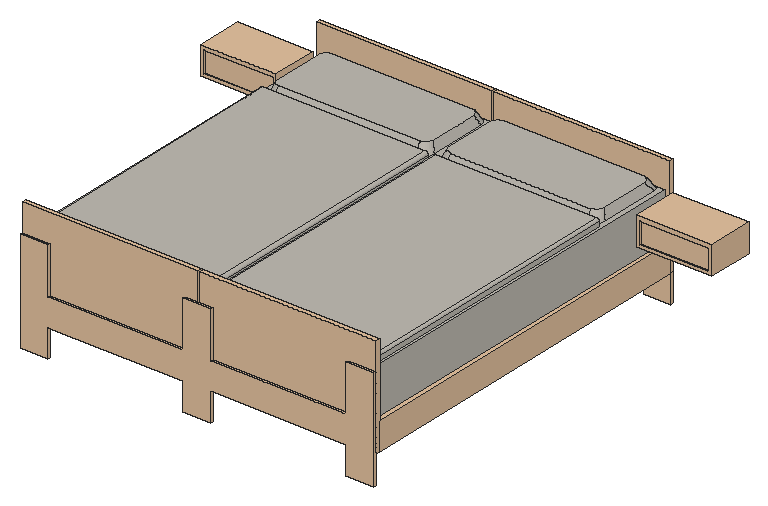
Revit family "Bed_Hotel", category Furniture, Revit 2026
Family settings
  Classification Number = 23.40.70.14.21
  Work Plane-Based = No
  Enable Cutting in Views = No
  Always vertical = Yes
  Cut with Voids When Loaded = No
  Render Appearance Source = Family Geometry
  Shared = No
  Room Calculation Point = No
Parameters (values of type "King")
  Width = 6' - 4"
  Warranty Duration (Years) = 10
  Textiles = ARCAT - Fabric - Generic
  Test Data = ""
  Specification = "http://www.arcat.com/divs/sec/sec12450.shtml"
  Sleeping Capacity = 2
  SideTable_L [instance] = yes
  SideTable_R [instance] = yes
  Sales Information = ""
  Rigidity = "Firm"
  Product Properties = "http://www.arcat.com/bim/bim_info.pl?fn=Bed-Hotel"
  Product Data = "http://www.arcat.com/divs/sec/sec12450.shtml"
  Model = "Generic"  # constant formula
  Manufacturer Website = "http://www.arcat.com/"
  Manufacturer Phone - Toll Free = ""
  Manufacturer Phone = "(203) 929-9444"  # constant formula
  Manufacturer Fax = "(203) 929-9444"  # constant formula
  Manufacturer Email = "bim@arcat.com"  # constant formula
  Manufacturer Address = "1077 Bridgeport Ave, Shelton, CT  06484"  # constant formula
  Manufacturer = "Generic"  # constant formula
  Maintenance Schedule (Months) = 6
  Length = 6' - 8"
  Keynote = "12450"
  Installation_Fabrication = ""
  Installation Phase = ""
  Height from ground = 1' - 0"
  Green Building - LEED = "http://www.arcat.com/green/green_building.shtml"
  Frame Material = ARCAT - Wood - Cherry
  Flammability = "CPSC - 16CFR - Part 1633 Approved"
  Expected Lifespan (Years) = 10
  Drawn By = "Robert S. Weygant. CSI, CDT, SCIP"  # constant formula
  Description = "Hotel Bed - King"
  Depth = 0' - 10"
  Default Elevation = 0' - 0"
  Copyright = "2008, ARCAT, Inc."  # constant formula
  Construction Details = "http://www.arcat.com/divs/sec/sec12450.shtml"
  Building Codes = ""
  Assembly Code = "E2020200"
Types (5): name | Width | Sleeping Capacity | Length | Description
  (no name) | 6' - 4" | 2 | 6' - 8" | "Hotel Bed - King"
  Twin | 3' - 3" | 1 | 6' - 3" | "Hotel Bed - Twin"
  Full_Double | 4' - 6" | 2 | 6' - 3" | "Hotel Bed - Full/Double"
  Queen | 5' - 0" | 2 | 6' - 8" | "Hotel Bed - Queen"
  King | 6' - 4" | 2 | 6' - 8" | "Hotel Bed - King"
Reference planes (in)
  plane 1 "Center (Front/Back)": y = 0
  plane 2: z = 0
  plane 3 "Center (Left/Right)": x = -0.59843
  plane 4 "Izq": x = -38.59843
  plane 5 "Der": x = 37.40157
  plane 6 "Abajo": y = -80
  plane 7 "Base Mattress": z = 12
  plane 8 "Top Mattress": z = 22
  plane 9: x = 55.11811
  plane 10: x = -56.31496
  plane 11 "Cajonera": y = -0.98425
Forms (in)
  Extrusion 1, solid, material "ARCAT - Wood - Cherry" <- "Frame Material"
    sketch origin (0, 0, 0) x (1, 0, 0) y (0, 1, 0)
      loop
        line (-38.59843, -79.01575) -> (-37.61417, -79.01575) -> (-37.61417, -0.98425) -> (-38.59843, -0.98425) -> (-38.59843, -79.01575)
      loop
        line (37.40157, -0.98425) -> (36.41732, -0.98425) -> (36.41732, -79.01575) -> (37.40157, -79.01575) -> (37.40157, -0.98425)
    from 6.09854 to 12
  Extrusion 2, solid, material "ARCAT - Wood - Cherry" <- "Frame Material"
    sketch origin (0, 0, 0) x (1, 0, 0) y (0, 1, 0)
      loop
        line (-38.59843, 0) -> (-38.59843, -0.98425) -> (-0.79528, -0.98425) -> (-0.79528, 0) -> (-38.59843, 0)
      loop
        line (37.40157, -0.98425) -> (37.40157, 0) -> (-0.40157, 0) -> (-0.40157, -0.98425) -> (37.40157, -0.98425)
      loop
        line (-38.59843, -79.01575) -> (-38.59843, -80) -> (-0.79528, -80) -> (-0.79528, -79.01575) -> (-38.59843, -79.01575)
      loop
        line (37.40157, -80) -> (37.40157, -79.01575) -> (-0.40157, -79.01575) -> (-0.40157, -80) -> (37.40157, -80)
    from 6.09854 to 27.92499
  Extrusion 3, solid, material "ARCAT - Fabric - Generic" <- "Textiles"
    sketch origin (0, 0, 0) x (1, 0, 0) y (0, 1, 0)
      loop
        line (-37.61417, -0.98425) -> (-37.61417, -79.01575) -> (36.41732, -79.01575) -> (36.41732, -0.98425) -> (-37.61417, -0.98425)
    from 12 <- "Height from ground" to 22 <- "Depth"
  Extrusion 4, solid, material "ARCAT - Fabric - Generic" <- "Textiles"
    sketch origin (0, 0, 0) x (1, 0, 0) y (0, 0, 1)
      loop
        line (-37.02362, 22) -> (-0.99213, 22) -> (-0.99213, 22.7874)
        arc (-0.99213, 22.7874) -> (-1.22275, 23.34418) -> (-1.77953, 23.5748) r 0.7874
        line (-1.77953, 23.5748) -> (-36.43307, 23.5748)
        arc (-36.43307, 23.5748) -> (-36.85065, 23.40183) -> (-37.02362, 22.98425) r 0.59055
        line (-37.02362, 22.98425) -> (-37.02362, 22)
      loop
        line (35.82677, 22) -> (35.82677, 22.98425)
        arc (35.82677, 22.98425) -> (35.6538, 23.40183) -> (35.23622, 23.5748) r 0.59055
        line (35.23622, 23.5748) -> (0.58268, 23.5748)
        arc (0.58268, 23.5748) -> (0.0259, 23.34418) -> (-0.20472, 22.7874) r 0.7874
        line (-0.20472, 22.7874) -> (-0.20472, 22) -> (35.82677, 22)
    from 17.95821 to 79.01575
  Blend 5, solid, material "ARCAT - Fabric - Generic" <- "Textiles"
    base sketch origin (0, 0, 0) x (1, 0, 0) y (0, 1, 0)
      loop
        line (-34.46457, -17.71654) -> (-3.55118, -17.71654)
        arc (-3.55118, -17.71654) -> (-2.15924, -17.13997) -> (-1.58268, -15.74803) r 1.9685
        line (-1.58268, -15.74803) -> (-1.58268, -3.14961)
        arc (-1.58268, -3.14961) -> (-2.15924, -1.75766) -> (-3.55118, -1.1811) r 1.9685
        line (-3.55118, -1.1811) -> (-35.05512, -1.1811)
        arc (-35.05512, -1.1811) -> (-36.02948, -1.5847) -> (-36.43307, -2.55906) r 1.37795
        line (-36.43307, -2.55906) -> (-36.43307, -15.74803)
        arc (-36.43307, -15.74803) -> (-35.85651, -17.13997) -> (-34.46457, -17.71654) r 1.9685
    top sketch origin (0, 0, 0) x (1, 0, 0) y (0, 1, 0)
      loop
        arc (-34.0957, -2.39783) -> (-35.20925, -2.85908) -> (-35.6705, -3.97263) r 1.5748
        line (-35.6705, -3.97263) -> (-35.6705, -14.99626)
        arc (-35.6705, -14.99626) -> (-35.20925, -16.10981) -> (-34.0957, -16.57106) r 1.5748
        line (-34.0957, -16.57106) -> (-3.96971, -16.57106)
        arc (-3.96971, -16.57106) -> (-2.85616, -16.10981) -> (-2.39491, -14.99626) r 1.5748
        line (-2.39491, -14.99626) -> (-2.39491, -3.97263)
        arc (-2.39491, -3.97263) -> (-2.85616, -2.85908) -> (-3.96971, -2.39783) r 1.5748
        line (-3.96971, -2.39783) -> (-34.0957, -2.39783)
    from 22 to 23.9685
  Blend 6, solid, material "ARCAT - Fabric - Generic" <- "Textiles"
    base sketch origin (-3.93701, 0, 0) x (-1, 0, 0) y (0, -1, 0)
      loop
        arc (-37.20472, 17.71654) -> (-38.59667, 17.13997) -> (-39.17323, 15.74803) r 1.9685
        line (-39.17323, 15.74803) -> (-39.17323, 2.55906)
        arc (-39.17323, 2.55906) -> (-38.76964, 1.5847) -> (-37.79528, 1.1811) r 1.37795
        line (-37.79528, 1.1811) -> (-6.29134, 1.1811)
        arc (-6.29134, 1.1811) -> (-4.8994, 1.75766) -> (-4.32283, 3.14961) r 1.9685
        line (-4.32283, 3.14961) -> (-4.32283, 15.74803)
        arc (-4.32283, 15.74803) -> (-4.8994, 17.13997) -> (-6.29134, 17.71654) r 1.9685
        line (-6.29134, 17.71654) -> (-37.20472, 17.71654)
    top sketch origin (-3.93701, 0, 0) x (-1, 0, 0) y (0, -1, 0)
      loop
        line (-36.83585, 2.39783) -> (-6.70987, 2.39783)
        arc (-6.70987, 2.39783) -> (-5.59632, 2.85908) -> (-5.13507, 3.97263) r 1.5748
        line (-5.13507, 3.97263) -> (-5.13507, 14.99626)
        arc (-5.13507, 14.99626) -> (-5.59632, 16.10981) -> (-6.70987, 16.57106) r 1.5748
        line (-6.70987, 16.57106) -> (-36.83585, 16.57106)
        arc (-36.83585, 16.57106) -> (-37.94941, 16.10981) -> (-38.41066, 14.99626) r 1.5748
        line (-38.41066, 14.99626) -> (-38.41066, 3.97263)
        arc (-38.41066, 3.97263) -> (-37.94941, 2.85908) -> (-36.83585, 2.39783) r 1.5748
    from 22 to 23.9685
  Extrusion 7, solid, material "ARCAT - Wood - Cherry" <- "Frame Material", visible <- "SideTable_L"
    sketch origin (0, -0.98425, 0) x (1, 0, 0) y (0, 0, 1)
      loop
        line (-55.52756, 22) -> (-55.52756, 15.89764) -> (-39.38583, 15.89764) -> (-39.38583, 22) -> (-55.52756, 22)
      loop
        line (-39.97638, 21.2126) -> (-54.93701, 21.2126) -> (-54.93701, 16.48819) -> (-39.97638, 16.48819) -> (-39.97638, 21.2126)
    from 0 to 9.84252
  Extrusion 8, solid, material "ARCAT - Wood - Cherry" <- "Frame Material", visible <- "SideTable_R"
    sketch origin (3.93701, -0.98425, 0) x (-1, 0, 0) y (0, 0, -1)
      loop
        line (-50.3937, -22) -> (-34.25197, -22) -> (-34.25197, -15.89764) -> (-50.3937, -15.89764) -> (-50.3937, -22)
      loop
        line (-34.84252, -21.2126) -> (-34.84252, -16.48819) -> (-49.80315, -16.48819) -> (-49.80315, -21.2126) -> (-34.84252, -21.2126)
    from 0 to 9.84252
  Extrusion 9, solid, material "ARCAT - Wood - Cherry" <- "Frame Material", visible <- "SideTable_L"
    sketch origin (0, -0.98425, 0) x (1, 0, 0) y (0, 0, 1)
      loop
        line (-54.93701, 21.2126) -> (-54.93701, 16.48819) -> (-39.97638, 16.48819) -> (-39.97638, 21.2126) -> (-54.93701, 21.2126)
    from 8.66142 to 9.44882
  Extrusion 10, solid, material "ARCAT - Wood - Cherry" <- "Frame Material"
    sketch origin (0, -80, 0) x (1, 0, 0) y (0, 0, 1)
      loop
        line (-38.59843, 22) -> (-38.59843, 0) -> (-32.69291, 0) -> (-32.69291, 6.09854) -> (-3.55118, 6.09854) -> (-3.55118, 0) -> (2.35433, 0) -> (2.35433, 6.09854) -> (31.49606, 6.09854) -> (31.49606, 0) -> (37.40157, 0) -> (37.40157, 22) -> (31.49606, 22) -> (31.49606, 12) -> (2.35433, 12) -> (2.35433, 22) -> (-3.55118, 22) -> (-3.55118, 12) -> (-32.69291, 12) -> (-32.69291, 22) -> (-38.59843, 22)
    from 0 to 0.59055
  Extrusion 11, solid, material "ARCAT - Wood - Cherry" <- "Frame Material", visible <- "SideTable_R"
    sketch origin (0, -0.98425, 0) x (1, 0, 0) y (0, 0, 1)
      loop
        line (38.77953, 21.2126) -> (38.77953, 16.48819) -> (53.74016, 16.48819) -> (53.74016, 21.2126) -> (38.77953, 21.2126)
    from 8.66142 to 9.44882
  Extrusion 12, solid, material "ARCAT - Wood - Cherry" <- "Frame Material"
    sketch origin (0, -0.59055, 0) x (1, 0, 0) y (0, 0, -1)
      loop
        line (-38.59843, -6.09854) -> (-32.69291, -6.09854) -> (-32.69291, 0) -> (-38.59843, 0) -> (-38.59843, -6.09854)
      loop
        line (-3.55118, -6.09854) -> (2.35433, -6.09854) -> (2.35433, 0) -> (-3.55118, 0) -> (-3.55118, -6.09854)
      loop
        line (31.49606, -6.09854) -> (37.40157, -6.09854) -> (37.40157, 0) -> (31.49606, 0) -> (31.49606, -6.09854)
    from 0 to 0.59055
Dimensions and locks (in)
  equal spacing: plane 4 "Izq", plane 3 "Center (Left/Right)", plane 5 "Der"
  "Width": plane 4 "Izq" to plane 5 "Der"
  "Length": plane 6 "Abajo" to plane 1 "Center (Front/Back)"
  "Height from ground": plane 7 "Base Mattress" to plane 2
  "Depth": plane 8 "Top Mattress" to plane 7 "Base Mattress"
  locked: Extrusion 1 to Extrusion 1 at 5.90146
  locked: Extrusion 2 to Extrusion 3 at 5.92499
  locked: Extrusion 2 sketch curve to Extrusion 2 sketch curve at 0.3937  (x2)
  locked: Extrusion 2 to Extrusion 4 sketch curve at 1.5748  (x2)
  locked: Extrusion 4 sketch curve to Extrusion 2 at 0.59055
  locked: Blend 5 to Blend 5 at 1.9685
  locked: Extrusion 3 to Blend 5 at 1.1811
  locked: Blend 5 to plane 3 "Center (Left/Right)" at 0.98425
  locked: Blend 5 to Extrusion 2 at 0.19685
  locked: Blend 5 to Blend 5 at 16.53543
  locked: Blend 5 to Extrusion 4 at 0.24168
  locked: Blend 6 to Blend 6 at 1.9685
  locked: Blend 6 to Blend 6 at 16.53543
  locked: plane 5 "Der" to plane 9 at 17.71654
  locked: plane 10 to plane 4 "Izq" at 17.71654
  Extrusion 7 sketch curve to Extrusion 7 sketch curve to Extrusion 7 sketch curve to Extrusion 7 sketch curve = 0' - 0.7874" locked, 0' - 4.72441" locked, 0' - 0.59055" locked
  Extrusion 8 sketch curve to Extrusion 8 sketch curve to Extrusion 8 sketch curve to Extrusion 8 sketch curve = 0' - 0.7874" locked, 0' - 4.72441" locked, 0' - 0.59055" locked
  locked: Extrusion 2 to Extrusion 10 sketch curve at 5.90551
  locked: Extrusion 10 sketch curve to Extrusion 10 sketch curve at 5.90551
  locked: Extrusion 10 sketch curve to Extrusion 2 at 5.90551
  aligned and locked: plane 7 "Base Mattress" to Extrusion 1
  aligned and locked: plane 8 "Top Mattress" to Extrusion 3
  aligned and locked: Extrusion 2 to Extrusion 1
  aligned and locked: Extrusion 4 to Extrusion 2
  aligned and locked: Extrusion 4 to Blend 5
  aligned and locked: Extrusion 4 to Blend 6
  aligned and locked: plane 8 "Top Mattress" to Extrusion 7
  aligned and locked: Extrusion 7 to Extrusion 9 sketch curve
  aligned and locked: Extrusion 9 sketch curve to Extrusion 7  (x3)
  aligned and locked: plane 8 "Top Mattress" to Extrusion 10 sketch curve  (x3)
  aligned and locked: Extrusion 10 sketch curve to Extrusion 10 sketch curve  (x5)
  aligned and locked: Extrusion 10 to level  (x3)
  aligned and locked: Extrusion 2 to Extrusion 10 sketch curve
  aligned and locked: Extrusion 8 to Extrusion 11 sketch curve
  aligned and locked: Extrusion 11 sketch curve to Extrusion 8  (x3)
  aligned and locked: Extrusion 12 sketch curve to Extrusion 12 sketch curve
  aligned and locked: Extrusion 10 to Extrusion 12 sketch curve
  aligned and locked: Extrusion 2 sketch curve to plane 5 "Der"
  aligned and locked: plane 4 "Izq" to Extrusion 2 sketch curve
Automatic sketch dimensions
  Extrusion 1 sketch curve to plane 4 "Izq" = 0' - 0"
  Extrusion 1 sketch curve to plane 11 "Cajonera" = 0' - 0"  (x2)
  Extrusion 1 sketch curve to plane 5 "Der" = 0' - 0"
  plane 4 "Izq" to Extrusion 1 sketch curve = 0' - 0.98425"
  Extrusion 1 sketch curve to plane 5 "Der" = 0' - 0.98425"
  Extrusion 1 sketch curve to plane 6 "Abajo" = 0' - 0.98425"  (x2)
  Extrusion 2 sketch curve to plane 4 "Izq" = 0' - 0"
  Extrusion 2 sketch curve to plane 1 "Center (Front/Back)" = 0' - 0"  (x2)
  Extrusion 2 sketch curve to plane 6 "Abajo" = 0' - 0"  (x2)
  Extrusion 2 sketch curve to plane 11 "Cajonera" = 0' - 0"  (x2)
  Extrusion 2 sketch curve to plane 5 "Der" = 0' - 0"
  Extrusion 2 sketch curve to plane 3 "Center (Left/Right)" = 0' - 0.19685"  (x2)
  Extrusion 2 sketch curve to plane 6 "Abajo" = 0' - 0.98425"  (x2)
  Extrusion 3 sketch curve to plane 11 "Cajonera" = 0' - 0"
  plane 4 "Izq" to Extrusion 3 sketch curve = 0' - 0.98425"
  Extrusion 3 sketch curve to plane 5 "Der" = 0' - 0.98425"
  Extrusion 3 sketch curve to plane 6 "Abajo" = 0' - 0.98425"
  Extrusion 4 sketch curve to plane 8 "Top Mattress" = 0' - 0"  (x2)
  Extrusion 4 sketch curve to Extrusion 4 sketch curve = 0' - 0.59055"  (x2)
  Extrusion 4 sketch curve to Extrusion 4 sketch curve = 0' - 0.7874"  (x3)
  plane 3 "Center (Left/Right)" to Extrusion 4 sketch curve = 0' - 0.3937"
  plane 8 "Top Mattress" to Extrusion 4 sketch curve = 0' - 0.7874"
  plane 4 "Izq" to Blend 5 sketch curve = 0' - 2.16535"
  Blend 5 sketch curve to Blend 5 sketch curve = 0' - 1.37795"
  Blend 5 sketch curve to Blend 5 sketch curve = 0' - 1.9685"
  Blend 5 sketch curve to plane 3 "Center (Left/Right)" = 0' - 2.95276"  (x2)
  Blend 5 sketch curve to plane 3 "Center (Left/Right)" = 0' - 0.98425"
  plane 11 "Cajonera" to Blend 5 sketch curve = 1' - 4.73228"
  plane 11 "Cajonera" to Blend 5 sketch curve = 0' - 2.16535"
  plane 4 "Izq" to Blend 5 sketch curve = 0' - 2.92793"
  Blend 5 sketch curve to Blend 5 sketch curve = 0' - 1.5748"  (x3)
  plane 11 "Cajonera" to Blend 5 sketch curve = 0' - 1.41358"
  Blend 5 sketch curve to plane 3 "Center (Left/Right)" = 0' - 3.37129"  (x2)
  Blend 5 sketch curve to Blend 5 sketch curve = 0' - 11.02362"
  plane 5 "Der" to Blend 6 sketch curve = 0' - 2.16535"
  Blend 6 sketch curve to Blend 6 sketch curve = 0' - 1.37795"
  Blend 6 sketch curve to Blend 6 sketch curve = 0' - 1.9685"
  Blend 6 sketch curve to plane 3 "Center (Left/Right)" = 0' - 2.95276"  (x2)
  Blend 6 sketch curve to plane 3 "Center (Left/Right)" = 0' - 0.98425"
  Blend 6 sketch curve to plane 11 "Cajonera" = 1' - 4.73228"
  Blend 6 sketch curve to plane 11 "Cajonera" = 0' - 2.16535"
  plane 5 "Der" to Blend 6 sketch curve = 0' - 2.92793"
  Blend 6 sketch curve to Blend 6 sketch curve = 0' - 1.5748"  (x3)
  Blend 6 sketch curve to plane 11 "Cajonera" = 0' - 1.41358"
  Blend 6 sketch curve to plane 3 "Center (Left/Right)" = 0' - 3.37129"  (x2)
  Blend 6 sketch curve to Blend 6 sketch curve = 0' - 11.02362"
  Extrusion 7 sketch curve to plane 8 "Top Mattress" = 0' - 0"
  plane 10 to Extrusion 7 sketch curve = 0' - 0.7874"
  Extrusion 7 sketch curve to Extrusion 7 sketch curve = 0' - 0.59055"
  Extrusion 7 sketch curve to plane 4 "Izq" = 0' - 1.37795"
  Extrusion 7 sketch curve to plane 4 "Izq" = 0' - 0.7874"
  Extrusion 8 sketch curve to plane 8 "Top Mattress" = 0' - 0"
  plane 9 to Extrusion 8 sketch curve = 0' - 0.7874"
  Extrusion 8 sketch curve to Extrusion 8 sketch curve = 0' - 0.59055"
  Extrusion 8 sketch curve to plane 5 "Der" = 0' - 1.37795"
  Extrusion 8 sketch curve to plane 5 "Der" = 0' - 0.7874"
  Extrusion 10 sketch curve to plane 4 "Izq" = 0' - 0"
  Extrusion 10 sketch curve to level = 0' - 0"  (x3)
  Extrusion 10 sketch curve to plane 7 "Base Mattress" = 0' - 0"  (x2)
  Extrusion 10 sketch curve to plane 5 "Der" = 0' - 0"
  Extrusion 10 sketch curve to plane 3 "Center (Left/Right)" = 0' - 2.95276"
  Extrusion 12 sketch curve to level = 0' - 0"  (x3)
  Extrusion 12 sketch curve to plane 4 "Izq" = 0' - 0"
  Extrusion 12 sketch curve to plane 5 "Der" = 0' - 0"
  plane 4 "Izq" to Extrusion 12 sketch curve = 0' - 5.90551"
  Extrusion 12 sketch curve to plane 3 "Center (Left/Right)" = 0' - 2.95276"
  plane 3 "Center (Left/Right)" to Extrusion 12 sketch curve = 0' - 2.95276"
  Extrusion 12 sketch curve to plane 5 "Der" = 0' - 5.90551"
  Extrusion 12 sketch curve to plane 7 "Base Mattress" = 0' - 5.90146"
